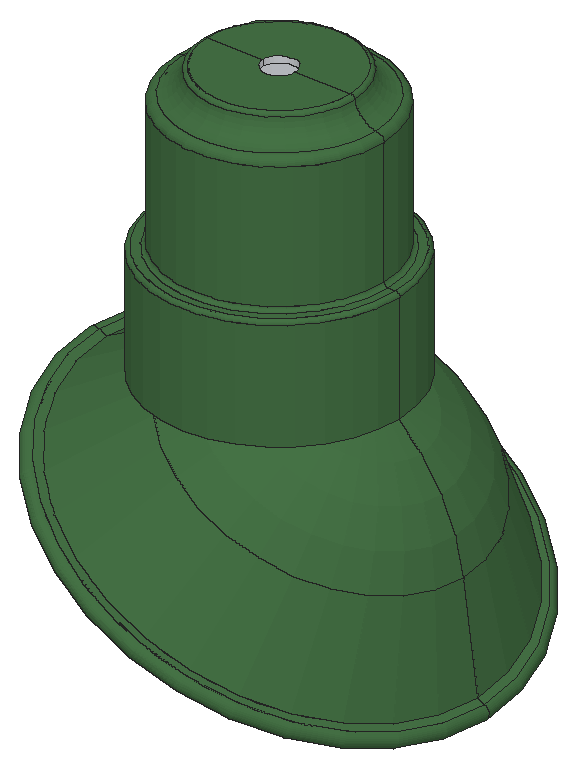
Revit family "A807 SHADE", category Lighting Fixtures, Revit 2024
Family settings
  Round Connector Dimension = Use Diameter
  Part Type = Normal
  OmniClass Number = 23.80.70.00
  OmniClass Title = Lighting
  Work Plane-Based = No
  Always vertical = Yes
  Cut with Voids When Loaded = No
  Light Source = Yes
  Maintain Annotation Orientation = No
  Shared = No
  Room Calculation Point = No
Parameters
  Wattage = 12.1178 W
  built-in parameter 1150110 = 1 (stored number, unit not read)
  built-in parameter 1114217 = 1 (stored number, unit not read)
  built-in parameter 1150109 = 1 (stored number, unit not read)
  built-in parameter 1150134 = (empty or 0)
  built-in parameter 1150113 = 1 (stored number, unit not read)
  Lumens = 1800 lm
  built-in parameter 1150115 = 1 (stored number, unit not read)
  built-in parameter 1150105 = 572.96 (stored number, unit not read)
  Light Source Symbol Size = 2' - 0"
  built-in parameter 1150137 = (empty or 0)
  built-in parameter 1150139 = (empty or 0)
  built-in parameter 1150112 = 1 (stored number, unit not read)
  built-in parameter 1150114 = 1 (stored number, unit not read)
  built-in parameter 1150132 = 2
  built-in parameter 1150102 = (empty or 0)
  built-in parameter 1150138 = (empty or 0)
  built-in parameter 1150107 = 3000 (stored number, unit not read)
  built-in parameter 1150106 = 5.7296 (stored number, unit not read)
  built-in parameter 1150104 = 13.8 (stored number, unit not read)
  Dimming Lamp Color Temperature Shift = (empty or 0)
  Default Elevation = 0' - 0"
  Color Filter = 16777215
  built-in parameter 1114218 = 1 (stored number, unit not read)
  built-in parameter 1150133 = 10 (stored number, unit not read)
Reference planes (in)
  plane 1 "Light Source Axis (F/B)": y = 0
  plane 2: z = 0
  plane 3 "Light Source Axis (L/R)": x = 0
  plane 4 "Light Source Elevation": z = 84
Forms (in)
  Revolve 1, solid
    sketch origin (0, 0, 0) x (1, 0, 0) y (0, 0, 1)
      loop
        line (-0.25, 91.99957) -> (-1.11274, 91.99957)
        arc (-1.11274, 91.99957) -> (-1.15406, 91.98395) -> (-1.17474, 91.94491) r 0.0625
        arc (-1.17474, 91.94491) -> (-1.28152, 91.72879) -> (-1.49903, 91.62488) r 0.36863
        arc (-1.49903, 91.62488) -> (-1.58742, 91.58826) -> (-1.62403, 91.49988) r 0.125
        line (-1.62403, 91.49988) -> (-1.62403, 89.56185)
        arc (-1.62403, 89.56185) -> (-1.64234, 89.51765) -> (-1.68653, 89.49935) r 0.0625
        line (-1.68653, 89.49935) -> (-1.81086, 89.4993)
        arc (-1.81086, 89.4993) -> (-1.85505, 89.48099) -> (-1.87336, 89.4368) r 0.0625
        line (-1.87336, 89.4368) -> (-1.87336, 87.74927) -> (-1.77961, 87.74927) -> (-1.77961, 89.40555) -> (-1.68653, 89.40555)
        arc (-1.68653, 89.40555) -> (-1.57605, 89.45136) -> (-1.53028, 89.56185) r 0.15625
        line (-1.53028, 89.56185) -> (-1.53028, 91.49988)
        arc (-1.53028, 91.49988) -> (-1.51995, 91.5231) -> (-1.49577, 91.53096) r 0.03125
        arc (-1.49577, 91.53096) -> (-1.22835, 91.65002) -> (-1.08602, 91.90582) r 0.46238
        line (-1.08602, 91.90582) -> (-0.25, 91.90582) -> (-0.25, 91.99957)
      axis (0, 91.99957) -> (0, 87.74927)
    angle from 0 to 360
  Revolve 2, solid
    sketch origin (0, 0, 0) x (1, 0, 0) y (0, 0, 1)
      loop
        arc (2.87267, 85.89026) -> (2.52793, 86.92248) -> (1.82031, 87.74927) r 2.84012
        line (1.82031, 87.74927) -> (1.66502, 87.74927)
        arc (1.66502, 87.74927) -> (2.41578, 86.92893) -> (2.77971, 85.87815) r 2.74637
        line (2.77971, 85.87815) -> (2.99402, 84.23316) -> (3.0408, 84.20873)
        arc (3.0408, 84.20873) -> (3.15571, 84.00197) -> (3.19148, 84.2358) r 0.125
        line (3.19148, 84.2358) -> (3.08068, 84.29367) -> (2.87267, 85.89026)
      axis (0.15652, 85.71514) -> (1.3478, 87.99606)
    angle from 0 to 360
Dimensions and locks (in)
  aligned and locked: plane 3 "Light Source Axis (L/R)" to imposter light
  aligned and locked: plane 1 "Light Source Axis (F/B)" to imposter light
  aligned and locked: plane 4 "Light Source Elevation" to imposter light
  aligned and locked: level to plane 2
